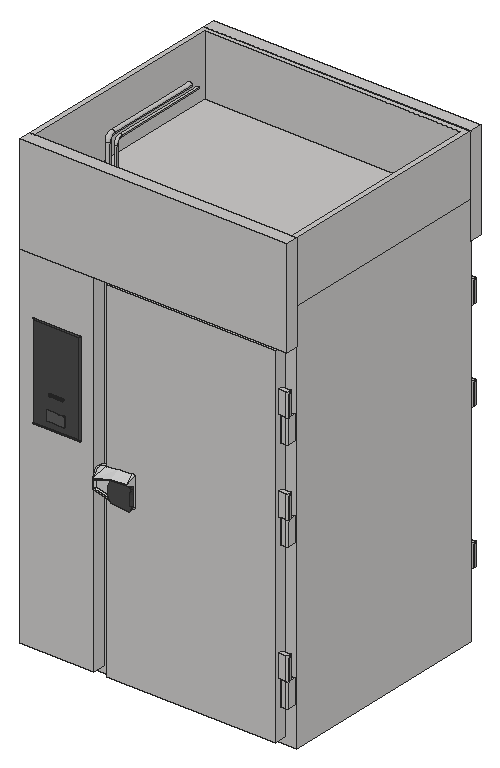
Revit family "QF_ALPENINOX_729261_ABFA22RPE", category Specialty Equipment, Revit 2018 (continued)
Automatic sketch dimensions
  curve 48 to plane 3 "RIGHT" = 25.377 mm
  curve 67 to plane 3 "RIGHT" = 25.377 mm
  curve 49 to curve 39 = 25 mm
  curve 79 to plane 3 "RIGHT" = 25 mm
  plane 3 "RIGHT" to curve 74 = 39 mm
  plane 3 "RIGHT" to curve 43 = 39 mm
  plane 3 "RIGHT" to curve 71 = 50 mm
  curve 42 to curve 40 = 11 mm
  curve 74 to curve 76 = 21 mm
  curve 42 to curve 44 = 21 mm
  curve 39 to plane 7 = 23 mm
  curve 47 to plane 7 = 57 mm
  curve 47 to curve 45 = 52.711 mm
  curve 45 to curve 41 = 95.289 mm
  curve 42 to curve 42 = 23.874 mm
  curve 42 to curve 44 = 1.937 mm
  curve 37 to curve 38 = 10 mm
  curve 36 to curve 35 = 20 mm
  curve 48 to plane 4 "FRONT" = 26.348 mm
  curve 12 to plane 4 "FRONT" = 313.032 mm
  curve 11 to curve 5 = 4.241 mm
  curve 5 to curve 4 = 0.785 mm
  curve 10 to curve 10 = 10 mm
  curve 16 to curve 15 = 4.974 mm
  curve 6 to plane 9 = 232 mm
  curve 5 to curve 4 = 0.032 mm
  plane 8 "BACK" to curve 25 = 93.807 mm
  curve 25 to curve 21 = 27.807 mm
  plane 8 "BACK" to curve 67 = 26.348 mm
  curve 64 to curve 61 = 10 mm
  curve 66 to curve 65 = 10 mm
  curve 76 to plane 8 "BACK" = 719.189 mm
  curve 75 to curve 75 = 1.937 mm
  curve 74 to curve 72 = 23.874 mm
  curve 72 to curve 77 = 95.289 mm
  curve 77 to curve 79 = 52.711 mm
  curve 78 to curve 71 = 34 mm
  curve 71 to curve 71 = 23 mm
  curve 30 to curve 29 = 8 mm
  curve 29 to curve 31 = 8 mm
  curve 32 to curve 32 = 23 mm
  curve 60 to curve 60 = 23 mm
  plane 8 "BACK" to curve 2 = 0.759 mm
  plane 3 "RIGHT" to curve 2 = 100 mm
  curve 2 to plane 4 "FRONT" = 0.759 mm
  curve 48 to curve 28 = 39.652 mm
  curve 4 to curve 20 = 19.974 mm
  curve 78 to curve 68 = 0 mm
  Extrusion 32 to Extrusion 12 sketch curve = 50.191 mm
  Extrusion 32 to Extrusion 12 sketch curve = 190.294 mm
  radius of Extrusion 13 sketch curve = 12.7 mm
  radius of Sweep 14 sketch curve = 11 mm
  radius of Sweep 15 sketch curve = 6 mm
  radius of Blend 17 sketch curve to Extrusion 11 = 0 mm  (x3)
  radius of Blend 18 sketch curve to Blend 17 = 5 mm  (x3)
  radius of Blend 18 sketch curve to Blend 17 = 10 mm  (x3)
  radius of Blend 18 to Blend 19 sketch curve = 10 mm  (x2)
  radius of Blend 19 sketch curve to Blend 18 = 0 mm  (x2)
  radius of Blend 26 sketch curve to Extrusion 25 = 0 mm  (x3)
  radius of Blend 27 sketch curve to Blend 26 = 5 mm  (x3)
  radius of Blend 27 sketch curve to Blend 26 = 10 mm  (x3)
  radius of Blend 27 to Blend 28 sketch curve = 10 mm  (x2)
  radius of Blend 28 sketch curve to Blend 27 = 0 mm  (x2)
  radius of Blend 35 sketch curve to Extrusion 34 = 0 mm  (x3)
  radius of Blend 36 sketch curve to Blend 35 = 5 mm  (x3)
  radius of Blend 36 sketch curve to Blend 35 = 10 mm  (x3)
  radius of Blend 36 to Blend 37 sketch curve = 10 mm  (x2)
  radius of Blend 37 sketch curve to Blend 36 = 0 mm  (x2)
  radius of Blend 42 sketch curve to Extrusion 41 = 0 mm  (x3)
  radius of Blend 43 sketch curve to Blend 42 = 5 mm  (x3)
  radius of Blend 43 sketch curve to Blend 42 = 10 mm  (x3)
  radius of Blend 43 to Blend 44 sketch curve = 10 mm  (x2)
  radius of Blend 44 sketch curve to Blend 43 = 0 mm  (x2)
  radius of Extrusion 12 sketch curve = 10 mm
Nested families
  nested 1: "ALP_Touch" at (194.5, -1205, 1338.103) x (1, 0, 0) z (0, -1, 0), type "ALP_Touch"
  nested 2: "ALP_Logo_XS" at (194.5, -1210, 1257.103) x (1, 0, 0) z (0, -1, 0), visible <- "Show Logo", type "ALP_Logo_XS"
Connectors
  piping at (271, -895, 110), diameter 25.4
    settings: on Extrusion 13, index 5, connector inside diameter 24", connector length 0 mm, flow factor 0, pipe flow 0 GPM, pressure drop 0.00 psi, fitting loss kfactor 0, connector angle 0.00°, fixture units 0, engagement length 0 mm, angle of deflection 0.00°, flow configuration 1, flow direction 2, fitting loss method 0, system type 16, joint type 0, gender type 0, connector reference index -1, connector utility 0, adjustable connector no, is connector primary yes, connector description "Drain"
  electrical at (50.191, 65, 2209.706), driven by "Volts"
    settings: on Extrusion 12, index 6, voltage 380 V, apparent load 0 VA, apparent load phase1 0 VA, apparent load phase2 0 VA, apparent load phase3 0 VA, power factor 1, load classification "Altro", number of poles 1, system type 30, power factor state 1, is connector primary yes, connector utility no, sub classification motor no, connector description "Electrical Connection"
  piping at (239, -337, 2344), diameter 12
    settings: on Sweep 15, index 7, connector inside diameter 24", connector length 0 mm, flow factor 0, pipe flow 0 GPM, pressure drop 0.00 psi, fitting loss kfactor 0, connector angle 0.00°, fixture units 0, engagement length 0 mm, angle of deflection 0.00°, flow configuration 1, flow direction 1, fitting loss method 0, system type 8, joint type 0, gender type 0, connector reference index -1, connector utility 0, adjustable connector no, is connector primary no, connector description "Refrigerant Outlet"
  piping at (196, -337, 2344), diameter 22
    settings: on Sweep 14, index 8, connector inside diameter 24", connector length 0 mm, flow factor 0, pipe flow 0 GPM, pressure drop 0.00 psi, fitting loss kfactor 0, connector angle 0.00°, fixture units 0, engagement length 0 mm, angle of deflection 0.00°, flow configuration 1, flow direction 1, fitting loss method 0, system type 7, joint type 0, gender type 0, connector reference index -1, connector utility 0, adjustable connector no, is connector primary no, connector description "Refrigerant Inlet"
Definition of nested family "ALP_Touch"
  Parameters
    Default Elevation = 1219.2 mm
  Reference planes
    plane 1 "Centro (Fronte/Retro)": y = 0
    plane 2: z = 0
    plane 3 "Centro (Sinistra/Destra)": x = 0
    plane 4: y = -81
  Forms (mm)
    Extrusion 1, solid
      sketch origin (0, 0, 0) x (1, 0, 0) y (0, 1, 0)
        loop
          line (-1219.2, 1219.2) -> (-1219.2, -1219.2) -> (1219.2, -1219.2) -> (1219.2, 1219.2) -> (-1219.2, 1219.2)
      from 0 to -304.8
    Extrusion 2, solid
      sketch origin (0, 0, 5) x (1, 0, 0) y (0, 1, 0)
        loop
          line (-47, -160) -> (-47, -202)
          arc (-47, -202) -> (-45.536, -205.535) -> (-42, -207) r 5
          line (-42, -207) -> (42, -207)
          arc (42, -207) -> (45.536, -205.535) -> (47, -202) r 5
          line (47, -202) -> (47, -160)
          arc (47, -160) -> (45.536, -156.465) -> (42, -155) r 5
          line (42, -155) -> (-42, -155)
          arc (-42, -155) -> (-45.536, -156.465) -> (-47, -160) r 5
      from 0 to 2
    Blend 3, solid
      base sketch origin (0, 0, 0) x (1, 0, 0) y (0, 1, 0)
        loop
          line (-127, 244) -> (-127, -244)
          arc (-127, -244) -> (-125.536, -247.536) -> (-122, -249) r 5
          line (-122, -249) -> (122, -249)
          arc (122, -249) -> (125.536, -247.536) -> (127, -244) r 5
          line (127, -244) -> (127, 244)
          arc (127, 244) -> (125.536, 247.536) -> (122, 249) r 5
          line (122, 249) -> (-122, 249)
          arc (-122, 249) -> (-125.536, 247.536) -> (-127, 244) r 5
      top sketch origin (0, 0, 0) x (1, 0, 0) y (0, 1, 0)
        loop
          line (-119, -241) -> (119, -241) -> (119, 241) -> (-119, 241) -> (-119, -241)
      from 0 to 5
  Lines and regions (mm)
    Split face 1
      outline origin (0, 0, 5) x (1, 0, 0) y (0, 1, 0)
        loop
          line (-70.506, 46.167) -> (70.506, 46.167) -> (70.506, 214.829) -> (-70.506, 214.829) -> (-70.506, 46.167)
    Split face 2
      outline origin (0, 0, 5) x (1, 0, 0) y (0, 1, 0)
        loop
          line (-47.467, 50.825) -> (47.467, 50.825) -> (47.467, 210.171) -> (-47.467, 210.171) -> (-47.467, 50.825)
    Split face 3
      outline origin (0, 0, 5) x (1, 0, 0) y (0, 1, 0)
        loop
          line (-116, 241) -> (-116, -241)
        loop
          line (116, -241) -> (116, 241)
    Split face 4
      outline origin (0, 0, 5) x (1, 0, 0) y (0, 1, 0)
        loop
          line (52.506, -63) -> (-52.506, -63)
          arc (-52.506, -63) -> (-70.506, -81) -> (-52.506, -99) r 18
          line (-52.506, -99) -> (52.506, -99)
          arc (52.506, -99) -> (70.506, -81) -> (52.506, -63) r 18
    Split face 5
      outline origin (0, 0, 5) x (1, 0, 0) y (0, 1, 0)
        loop
          arc (-52.506, -66) -> (-67.506, -81) -> (-52.506, -96) r 15
          line (-52.506, -96) -> (52.506, -96)
          arc (52.506, -96) -> (67.506, -81) -> (52.506, -66) r 15
          line (52.506, -66) -> (-52.506, -66)
  Dimensions and locks
    aligned and locked: plane 2 to Extrusion 1
    aligned and locked: level to Extrusion 1
Definition of nested family "ALP_Logo_XS"
  Parameters
    Default Elevation = 0 mm
  Reference planes
    plane 1 "Centro (Fronte/Retro)": y = 0
    plane 2: z = 0
    plane 3 "Centro (Sinistra/Destra)": x = 0
  Forms (mm)
    Extrusion 1, solid
      sketch origin (0, 0, 0) x (1, 0, 0) y (0, 1, 0)
        loop
          line (-1219.2, 1219.2) -> (-1219.2, -1219.2) -> (1219.2, -1219.2) -> (1219.2, 1219.2) -> (-1219.2, 1219.2)
      from 0 to -304.8
    Extrusion 2, solid
      sketch origin (17.793, -46.218, 0) x (-1, 0, 0) y (0, -1, 0)
        loop
          arc (56.029, -42.55) -> (55.919, -41.581) -> (55.073, -41.095) r 1.08
          line (55.073, -41.095) -> (54.045, -41.845) -> (53.618, -43.159) -> (49.653, -43.159) -> (49.224, -41.83) -> (48.183, -41.095)
          arc (48.183, -41.095) -> (47.402, -41.616) -> (47.313, -42.55) r 1.094
          line (47.313, -42.55) -> (50.109, -50.245)
          spline (50.109, -50.245) -> (50.175, -50.41) -> (50.254, -50.567) -> (50.343, -50.714) -> (50.444, -50.85) -> (50.556, -50.974) -> (50.679, -51.085) -> (50.813, -51.182) -> (50.957, -51.264) -> (51.112, -51.329) -> (51.277, -51.377) -> (51.452, -51.407) -> (51.636, -51.417)
          spline (51.636, -51.417) -> (51.814, -51.407) -> (51.984, -51.375) -> (52.146, -51.325) -> (52.3, -51.258) -> (52.445, -51.174) -> (52.58, -51.075) -> (52.705, -50.962) -> (52.819, -50.837) -> (52.923, -50.702) -> (53.015, -50.557) -> (53.095, -50.405) -> (53.163, -50.245)
          line (53.163, -50.245) -> (56.029, -42.55)
        loop
          line (53.005, -45.11) -> (50.294, -45.11) -> (51.633, -49.253) -> (53.005, -45.11)
        loop
          spline (46.282, -42.339) -> (46.273, -42.168) -> (46.248, -42.008) -> (46.207, -41.86) -> (46.149, -41.725) -> (46.077, -41.602) -> (45.989, -41.494) -> (45.886, -41.401) -> (45.77, -41.323) -> (45.64, -41.261) -> (45.496, -41.216) -> (45.339, -41.189) -> (45.17, -41.179)
          line (45.17, -41.179) -> (41.605, -41.179)
          spline (41.605, -41.179) -> (41.453, -41.189) -> (41.312, -41.216) -> (41.183, -41.26) -> (41.065, -41.318) -> (40.959, -41.389) -> (40.866, -41.471) -> (40.784, -41.563) -> (40.716, -41.664) -> (40.661, -41.77) -> (40.619, -41.882) -> (40.591, -41.997) -> (40.577, -42.113)
          spline (40.577, -42.113) -> (40.581, -42.234) -> (40.598, -42.356) -> (40.63, -42.475) -> (40.676, -42.591) -> (40.737, -42.7) -> (40.813, -42.802) -> (40.904, -42.894) -> (41.012, -42.973) -> (41.135, -43.039) -> (41.275, -43.088) -> (41.431, -43.119) -> (41.605, -43.13)
          line (41.605, -43.13) -> (44.143, -43.13) -> (44.143, -50.23)
          spline (44.143, -50.23) -> (44.152, -50.4) -> (44.18, -50.557) -> (44.224, -50.701) -> (44.284, -50.83) -> (44.359, -50.946) -> (44.448, -51.047) -> (44.55, -51.133) -> (44.663, -51.204) -> (44.787, -51.26) -> (44.921, -51.301) -> (45.064, -51.325) -> (45.214, -51.333)
          spline (45.214, -51.333) -> (45.363, -51.325) -> (45.506, -51.301) -> (45.639, -51.26) -> (45.763, -51.204) -> (45.876, -51.133) -> (45.977, -51.047) -> (46.066, -50.946) -> (46.141, -50.83) -> (46.201, -50.701) -> (46.245, -50.557) -> (46.272, -50.4) -> (46.282, -50.23)
          line (46.282, -50.23) -> (46.282, -42.339)
        loop
          spline (39.662, -42.198) -> (39.653, -42.028) -> (39.625, -41.871) -> (39.581, -41.727) -> (39.521, -41.598) -> (39.446, -41.482) -> (39.357, -41.381) -> (39.255, -41.295) -> (39.142, -41.224) -> (39.018, -41.168) -> (38.884, -41.128) -> (38.742, -41.103) -> (38.593, -41.095)
          spline (38.593, -41.095) -> (38.443, -41.103) -> (38.3, -41.128) -> (38.167, -41.168) -> (38.043, -41.224) -> (37.93, -41.295) -> (37.829, -41.381) -> (37.74, -41.482) -> (37.665, -41.598) -> (37.605, -41.727) -> (37.561, -41.871) -> (37.534, -42.028) -> (37.524, -42.198)
          line (37.524, -42.198) -> (37.524, -44.517) -> (35.94, -44.517)
          spline (35.94, -44.517) -> (35.46, -44.544) -> (34.998, -44.622) -> (34.559, -44.75) -> (34.147, -44.927) -> (33.768, -45.15) -> (33.424, -45.418) -> (33.122, -45.73) -> (32.864, -46.082) -> (32.656, -46.474) -> (32.502, -46.904) -> (32.407, -47.369) -> (32.374, -47.87)
          spline (32.374, -47.87) -> (32.406, -48.361) -> (32.499, -48.822) -> (32.65, -49.25) -> (32.855, -49.644) -> (33.11, -50) -> (33.413, -50.317) -> (33.76, -50.592) -> (34.147, -50.822) -> (34.57, -51.005) -> (35.027, -51.139) -> (35.513, -51.221) -> (36.026, -51.249)
          line (36.026, -51.249) -> (38.548, -51.249)
          spline (38.548, -51.249) -> (38.72, -51.24) -> (38.879, -51.213) -> (39.023, -51.17) -> (39.154, -51.11) -> (39.271, -51.036) -> (39.373, -50.946) -> (39.46, -50.843) -> (39.532, -50.727) -> (39.588, -50.598) -> (39.629, -50.458) -> (39.654, -50.306) -> (39.662, -50.145)
          line (39.662, -50.145) -> (39.662, -42.198)
        loop
          line (37.524, -49.381) -> (37.524, -46.382) -> (36.065, -46.382)
          spline (36.065, -46.382) -> (35.848, -46.396) -> (35.645, -46.435) -> (35.458, -46.498) -> (35.287, -46.583) -> (35.132, -46.689) -> (34.996, -46.814) -> (34.878, -46.958) -> (34.78, -47.117) -> (34.702, -47.29) -> (34.645, -47.477) -> (34.61, -47.675) -> (34.599, -47.882)
          spline (34.599, -47.882) -> (34.61, -48.09) -> (34.645, -48.288) -> (34.702, -48.474) -> (34.78, -48.648) -> (34.878, -48.807) -> (34.996, -48.95) -> (35.132, -49.075) -> (35.287, -49.181) -> (35.458, -49.266) -> (35.645, -49.329) -> (35.848, -49.368) -> (36.065, -49.381)
          line (36.065, -49.381) -> (37.524, -49.381)
        loop
          spline (23.911, -45.178) -> (23.6, -45.189) -> (23.319, -45.221) -> (23.07, -45.274) -> (22.85, -45.346) -> (22.659, -45.437) -> (22.496, -45.545) -> (22.36, -45.67) -> (22.251, -45.81) -> (22.167, -45.965) -> (22.109, -46.133) -> (22.074, -46.314) -> (22.063, -46.506)
          spline (22.063, -46.506) -> (22.102, -47.066) -> (22.218, -47.632) -> (22.407, -48.193) -> (22.666, -48.74) -> (22.993, -49.263) -> (23.383, -49.749) -> (23.833, -50.189) -> (24.34, -50.573) -> (24.901, -50.89) -> (25.513, -51.129) -> (26.173, -51.281) -> (26.876, -51.333)
          spline (26.876, -51.333) -> (27.564, -51.284) -> (28.212, -51.14) -> (28.817, -50.909) -> (29.374, -50.599) -> (29.881, -50.217) -> (30.332, -49.772) -> (30.725, -49.271) -> (31.055, -48.721) -> (31.318, -48.131) -> (31.511, -47.508) -> (31.63, -46.859) -> (31.67, -46.193)
          spline (31.67, -46.193) -> (31.629, -45.477) -> (31.508, -44.798) -> (31.31, -44.16) -> (31.039, -43.568) -> (30.698, -43.027) -> (30.291, -42.543) -> (29.821, -42.119) -> (29.292, -41.762) -> (28.707, -41.475) -> (28.07, -41.265) -> (27.385, -41.135) -> (26.653, -41.09)
          spline (26.653, -41.09) -> (26.149, -41.112) -> (25.639, -41.177) -> (25.132, -41.281) -> (24.637, -41.419) -> (24.165, -41.589) -> (23.724, -41.786) -> (23.325, -42.006) -> (22.977, -42.247) -> (22.689, -42.505) -> (22.472, -42.775) -> (22.335, -43.053) -> (22.287, -43.337)
          spline (22.287, -43.337) -> (22.293, -43.479) -> (22.313, -43.618) -> (22.346, -43.753) -> (22.392, -43.881) -> (22.451, -44) -> (22.521, -44.11) -> (22.604, -44.208) -> (22.698, -44.292) -> (22.804, -44.36) -> (22.921, -44.412) -> (23.05, -44.444) -> (23.188, -44.456)
          spline (23.188, -44.456) -> (23.413, -44.429) -> (23.628, -44.352) -> (23.84, -44.236) -> (24.057, -44.091) -> (24.285, -43.927) -> (24.531, -43.753) -> (24.801, -43.58) -> (25.102, -43.417) -> (25.441, -43.275) -> (25.824, -43.165) -> (26.258, -43.095) -> (26.75, -43.076)
          spline (26.75, -43.076) -> (27.057, -43.097) -> (27.356, -43.149) -> (27.643, -43.23) -> (27.916, -43.341) -> (28.172, -43.479) -> (28.409, -43.645) -> (28.624, -43.837) -> (28.815, -44.056) -> (28.978, -44.3) -> (29.111, -44.569) -> (29.211, -44.862) -> (29.276, -45.178)
          line (29.276, -45.178) -> (23.911, -45.178)
        loop
          line (29.332, -47.164) -> (24.402, -47.164)
          spline (24.402, -47.164) -> (24.458, -47.453) -> (24.55, -47.736) -> (24.676, -48.011) -> (24.833, -48.274) -> (25.018, -48.52) -> (25.228, -48.746) -> (25.461, -48.947) -> (25.715, -49.121) -> (25.985, -49.263) -> (26.271, -49.369) -> (26.569, -49.435) -> (26.876, -49.458)
          spline (26.876, -49.458) -> (27.172, -49.434) -> (27.462, -49.366) -> (27.743, -49.257) -> (28.013, -49.112) -> (28.266, -48.936) -> (28.501, -48.731) -> (28.714, -48.504) -> (28.902, -48.257) -> (29.061, -47.995) -> (29.188, -47.723) -> (29.279, -47.444) -> (29.332, -47.164)
        loop
          spline (20.938, -42.198) -> (20.929, -42.028) -> (20.901, -41.871) -> (20.857, -41.727) -> (20.796, -41.597) -> (20.721, -41.482) -> (20.632, -41.381) -> (20.53, -41.295) -> (20.416, -41.224) -> (20.292, -41.168) -> (20.158, -41.127) -> (20.016, -41.103) -> (19.866, -41.095)
          spline (19.866, -41.095) -> (19.716, -41.103) -> (19.574, -41.127) -> (19.441, -41.168) -> (19.317, -41.224) -> (19.204, -41.295) -> (19.102, -41.381) -> (19.013, -41.482) -> (18.938, -41.597) -> (18.878, -41.727) -> (18.834, -41.871) -> (18.806, -42.028) -> (18.797, -42.198)
          line (18.797, -42.198) -> (18.797, -47.511) -> (14.246, -41.561) -> (13.347, -41.095)
          spline (13.347, -41.095) -> (13.197, -41.103) -> (13.055, -41.127) -> (12.921, -41.168) -> (12.797, -41.224) -> (12.684, -41.295) -> (12.582, -41.381) -> (12.494, -41.482) -> (12.418, -41.597) -> (12.358, -41.727) -> (12.314, -41.871) -> (12.287, -42.028) -> (12.277, -42.198)
          line (12.277, -42.198) -> (12.277, -50.23)
          spline (12.277, -50.23) -> (12.287, -50.4) -> (12.314, -50.557) -> (12.358, -50.701) -> (12.418, -50.83) -> (12.494, -50.946) -> (12.582, -51.047) -> (12.684, -51.133) -> (12.797, -51.204) -> (12.921, -51.26) -> (13.055, -51.301) -> (13.197, -51.325) -> (13.347, -51.333)
          spline (13.347, -51.333) -> (13.497, -51.325) -> (13.639, -51.301) -> (13.773, -51.26) -> (13.897, -51.204) -> (14.011, -51.133) -> (14.113, -51.047) -> (14.202, -50.946) -> (14.277, -50.83) -> (14.337, -50.701) -> (14.381, -50.557) -> (14.408, -50.4) -> (14.418, -50.23)
          line (14.418, -50.23) -> (14.418, -44.847) -> (18.968, -50.865) -> (19.866, -51.333)
          spline (19.866, -51.333) -> (20.016, -51.325) -> (20.158, -51.301) -> (20.292, -51.26) -> (20.416, -51.204) -> (20.53, -51.133) -> (20.632, -51.047) -> (20.721, -50.946) -> (20.796, -50.83) -> (20.857, -50.701) -> (20.901, -50.557) -> (20.929, -50.4) -> (20.938, -50.23)
          line (20.938, -50.23) -> (20.938, -42.198)
        loop
          spline (10.94, -42.198) -> (10.93, -42.028) -> (10.903, -41.871) -> (10.859, -41.727) -> (10.799, -41.597) -> (10.724, -41.482) -> (10.635, -41.381) -> (10.533, -41.295) -> (10.42, -41.224) -> (10.296, -41.168) -> (10.162, -41.127) -> (10.019, -41.103) -> (9.869, -41.095)
          spline (9.869, -41.095) -> (9.719, -41.103) -> (9.577, -41.127) -> (9.443, -41.168) -> (9.319, -41.224) -> (9.206, -41.295) -> (9.105, -41.381) -> (9.016, -41.482) -> (8.941, -41.597) -> (8.881, -41.727) -> (8.837, -41.871) -> (8.81, -42.028) -> (8.8, -42.198)
          line (8.8, -42.198) -> (8.8, -50.23)
          spline (8.8, -50.23) -> (8.81, -50.4) -> (8.837, -50.557) -> (8.881, -50.701) -> (8.941, -50.83) -> (9.016, -50.946) -> (9.105, -51.047) -> (9.206, -51.133) -> (9.319, -51.204) -> (9.443, -51.26) -> (9.577, -51.301) -> (9.719, -51.325) -> (9.869, -51.333)
          spline (9.869, -51.333) -> (10.019, -51.325) -> (10.162, -51.301) -> (10.296, -51.26) -> (10.42, -51.204) -> (10.533, -51.133) -> (10.635, -51.047) -> (10.724, -50.946) -> (10.799, -50.83) -> (10.859, -50.701) -> (10.903, -50.557) -> (10.93, -50.4) -> (10.94, -50.23)
          line (10.94, -50.23) -> (10.94, -42.198)
        loop
          spline (7.462, -42.198) -> (7.452, -42.028) -> (7.425, -41.871) -> (7.381, -41.727) -> (7.321, -41.597) -> (7.246, -41.482) -> (7.157, -41.381) -> (7.055, -41.295) -> (6.942, -41.224) -> (6.818, -41.168) -> (6.685, -41.127) -> (6.542, -41.103) -> (6.393, -41.095)
          spline (6.393, -41.095) -> (6.243, -41.103) -> (6.1, -41.127) -> (5.966, -41.168) -> (5.842, -41.224) -> (5.729, -41.295) -> (5.627, -41.381) -> (5.538, -41.482) -> (5.463, -41.597) -> (5.402, -41.727) -> (5.358, -41.871) -> (5.331, -42.028) -> (5.321, -42.198)
          line (5.321, -42.198) -> (5.321, -47.511) -> (0.771, -41.561) -> (-0.128, -41.095)
          spline (-0.128, -41.095) -> (-0.278, -41.103) -> (-0.42, -41.127) -> (-0.554, -41.168) -> (-0.678, -41.224) -> (-0.791, -41.295) -> (-0.893, -41.381) -> (-0.982, -41.482) -> (-1.057, -41.597) -> (-1.117, -41.727) -> (-1.162, -41.871) -> (-1.189, -42.028) -> (-1.199, -42.198)
          line (-1.199, -42.198) -> (-1.199, -50.23)
          spline (-1.199, -50.23) -> (-1.189, -50.4) -> (-1.162, -50.557) -> (-1.117, -50.701) -> (-1.057, -50.83) -> (-0.982, -50.946) -> (-0.893, -51.047) -> (-0.791, -51.133) -> (-0.678, -51.204) -> (-0.554, -51.26) -> (-0.42, -51.301) -> (-0.278, -51.325) -> (-0.128, -51.333)
          spline (-0.128, -51.333) -> (0.022, -51.325) -> (0.164, -51.301) -> (0.298, -51.26) -> (0.422, -51.204) -> (0.536, -51.133) -> (0.637, -51.047) -> (0.726, -50.946) -> (0.801, -50.83) -> (0.861, -50.701) -> (0.905, -50.557) -> (0.932, -50.4) -> (0.942, -50.23)
          line (0.942, -50.23) -> (0.942, -44.847) -> (5.493, -50.865) -> (6.393, -51.333)
          spline (6.393, -51.333) -> (6.542, -51.325) -> (6.685, -51.301) -> (6.818, -51.26) -> (6.942, -51.204) -> (7.055, -51.133) -> (7.157, -51.047) -> (7.246, -50.946) -> (7.321, -50.83) -> (7.381, -50.701) -> (7.425, -50.557) -> (7.452, -50.4) -> (7.462, -50.23)
          line (7.462, -50.23) -> (7.462, -42.198)
        loop
          spline (-7.232, -41.01) -> (-7.943, -41.056) -> (-8.611, -41.192) -> (-9.232, -41.411) -> (-9.803, -41.709) -> (-10.321, -42.078) -> (-10.782, -42.514) -> (-11.181, -43.011) -> (-11.516, -43.564) -> (-11.783, -44.166) -> (-11.978, -44.812) -> (-12.097, -45.497) -> (-12.138, -46.214)
          spline (-12.138, -46.214) -> (-12.096, -46.919) -> (-11.974, -47.596) -> (-11.774, -48.238) -> (-11.503, -48.839) -> (-11.163, -49.393) -> (-10.76, -49.893) -> (-10.297, -50.333) -> (-9.778, -50.707) -> (-9.208, -51.008) -> (-8.591, -51.231) -> (-7.931, -51.37) -> (-7.232, -51.417)
          spline (-7.232, -51.417) -> (-6.524, -51.371) -> (-5.858, -51.236) -> (-5.238, -51.018) -> (-4.666, -50.722) -> (-4.148, -50.353) -> (-3.687, -49.918) -> (-3.286, -49.422) -> (-2.95, -48.87) -> (-2.682, -48.267) -> (-2.486, -47.62) -> (-2.366, -46.934) -> (-2.325, -46.214)
          spline (-2.325, -46.214) -> (-2.366, -45.497) -> (-2.487, -44.812) -> (-2.684, -44.166) -> (-2.953, -43.564) -> (-3.29, -43.011) -> (-3.692, -42.514) -> (-4.154, -42.078) -> (-4.672, -41.709) -> (-5.243, -41.411) -> (-5.862, -41.192) -> (-6.527, -41.056) -> (-7.232, -41.01)
        loop
          spline (-7.232, -42.962) -> (-7.665, -42.993) -> (-8.059, -43.083) -> (-8.414, -43.227) -> (-8.731, -43.422) -> (-9.01, -43.661) -> (-9.251, -43.941) -> (-9.454, -44.257) -> (-9.62, -44.605) -> (-9.748, -44.979) -> (-9.839, -45.374) -> (-9.894, -45.788) -> (-9.912, -46.214)
          spline (-9.912, -46.214) -> (-9.894, -46.637) -> (-9.837, -47.049) -> (-9.744, -47.444) -> (-9.614, -47.818) -> (-9.446, -48.165) -> (-9.241, -48.482) -> (-8.998, -48.763) -> (-8.719, -49.003) -> (-8.403, -49.198) -> (-8.049, -49.344) -> (-7.659, -49.434) -> (-7.232, -49.466)
          spline (-7.232, -49.466) -> (-6.804, -49.434) -> (-6.414, -49.344) -> (-6.06, -49.198) -> (-5.743, -49.003) -> (-5.464, -48.763) -> (-5.222, -48.482) -> (-5.017, -48.165) -> (-4.849, -47.818) -> (-4.718, -47.444) -> (-4.625, -47.049) -> (-4.568, -46.637) -> (-4.55, -46.214)
          spline (-4.55, -46.214) -> (-4.568, -45.788) -> (-4.623, -45.374) -> (-4.714, -44.979) -> (-4.842, -44.605) -> (-5.008, -44.257) -> (-5.211, -43.941) -> (-5.452, -43.661) -> (-5.731, -43.422) -> (-6.048, -43.227) -> (-6.404, -43.083) -> (-6.798, -42.993) -> (-7.232, -42.962)
        loop
          arc (-12.168, -42.806) -> (-12.411, -41.323) -> (-13.895, -41.561) r 1.064
          line (-13.895, -41.561) -> (-16.234, -44.786) -> (-18.574, -41.561)
          arc (-18.574, -41.561) -> (-20.072, -41.304) -> (-20.3, -42.806) r 1.064
          line (-20.3, -42.806) -> (-17.477, -46.566) -> (-19.787, -49.678)
          arc (-19.787, -49.678) -> (-19.432, -51.089) -> (-18.004, -50.81) r 1.057
          line (-18.004, -50.81) -> (-16.234, -48.321) -> (-14.389, -50.918)
          arc (-14.389, -50.918) -> (-12.91, -51.16) -> (-12.683, -49.678) r 1.055
          line (-12.683, -49.678) -> (-14.994, -46.566) -> (-12.168, -42.806)
      from 0 to 1.644
  Dimensions and locks
    aligned and locked: plane 2 to Extrusion 1
    aligned and locked: level to Extrusion 1
Types (2, lengths in mm): name | URL | Phase | Model | Manufacturer | Description
  (no name) | 0 | 0 | 0 | 0 | 0
  QF_ALPENINOX_729261_ABFA22RPE.rfa | "http://www.alpeninox.com" | 3 | "ABFA22RPE" | "Alpeninox" | "CRIO CHILL BLAST CHILLER FREEZER 200/170KG 20 GN 2/1 - PASS-THROUGH - REMOTE REFRIGERATING UNIT"
